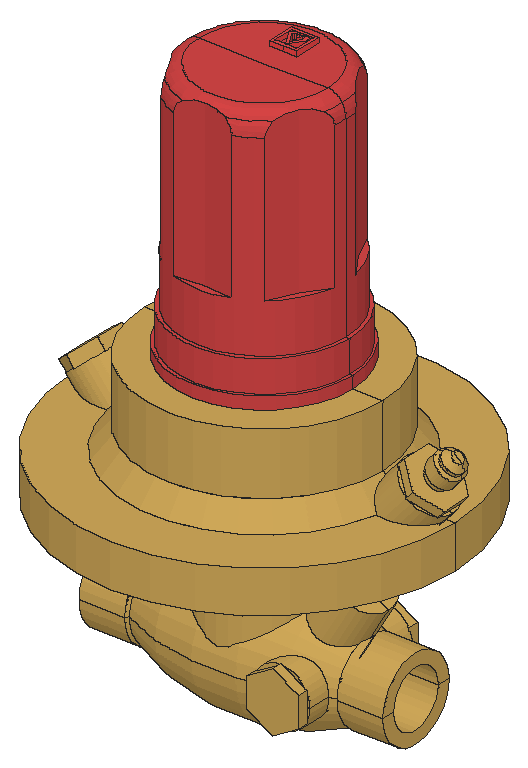
Revit family "Differential Pressure Control Valve 4007 FIX WE 23kPa", category Rohrzubehör, Revit 2018
Family settings
  Bemaßung runder Anschluss = Durchmesser verwenden
  Teiletyp = Unterbricht
  OmniClass-Nummer = 23.65.55.14.24
  OmniClass-Titel = Mixing Valves for Liquid Services
  Arbeitsebenenbasiert = Nein
  Immer vertikal = Ja
  Beim Laden mit Abzugskörper schneiden = Nein
  Gemeinsam genutzt = Nein
Parameters
  t1 = 24.467 mm
  Model = "The differential pressure controller is a straight-version proportional controller and works without auxiliary energy.\r\nDifferential pressure 23 kPa permanently set. The impulse line (1000 mm) is included with the valve and is connected to a\r\ncircuit regulating valve in the supply line."
  Min. operating temperature (pure water) = 2 °C  # constant formula
  Min. operating temperature (frost protection, brass body) = -20 °C  # constant formula
  Min. operating temperature (frost protection) = -10 °C  # constant formula
  Max. operating temperature = 95 °C  # constant formula
  Max. differential pressure on the body = 250000.0 Pa  # constant formula
  m4 [instance] = R03 - 11.00 mm  # 16.50 mm
  m3 = 4.00 mm
  m2 [instance] = R03 - 8.50 mm  # 19.00 mm
  m1 = 3.50 mm
  k9 = 17.65 mm
  k8 = 130.00°
  k7 = 9.45 mm
  k6 = 8.678 mm
  k5 = 11.83 mm
  k4 = 142.00°
  k3 = 63.00 mm
  k22 = 3.217 mm
  k21 = 28.72 mm
  k20 = 70.557 mm
  k2 = 49.08 mm
  k19 = 24.467 mm
  k18 = 24.467 mm
  k17 [instance] = 4.002 mm
  k16 = 7.283 mm
  k15 [instance] = size_lookup("4007_FIX_WE", "k15", 10.00 mm, Nennweite)  # 7.28 mm
  k14 = 101.662 mm
  k13 = 14.00 mm
  k12 = 39.276 mm
  k11 = 45.00 mm
  k10 = 20.56 mm
  k1 = 21.00 mm
  h2 [instance] = size_lookup("4007_FIX_WE", "h2", 18.75 mm, Nennweite)  # 18.75 mm
  h1 = 20.595 mm
  a3 = 9.50 mm
  a2 = 21.021 mm
  a1 = 9.50 mm
  Valve body = "dezincification-resistant brass"  # constant formula
  URL = "www.herzvalves.com"
  Set point spring = "stainless steel"  # constant formula
  Schrauben [instance] = if(Nennweite = 15.00 mm, "4x M12x50", if(Nennweite = 20.00 mm, "4x M12x55", if(Nennweite = 25.00 mm, "4x M12x55", if(Nennweite = 32.00 mm, "4x M16x60", if(Nennweite = 40.00 mm, "4x M16x60", if(Nennweite = 50.00 mm, "4x M16x60", if(Nennweite = 65.00 mm, "4x M16x60", if(Nennweite = 80.00 mm, "8x M16x65", if(Nennweite = 100.00 mm, "8x M16x65", if(Nennweite = 125.00 mm, "8x M16x70", if(Nennweite = 150.00 mm, "8x M20x70", if(Nennweite = 200.00 mm, "12x M20x75", if(Nennweite = 250.00 mm, "12x M24x85", if(Nennweite = 300.00 mm, "12x M24x85", if(Nennweite = 350.00 mm, "16x M24x90", "16x M27x100")))))))))))))))  # "4x M12x50"
  SW [instance] = size_lookup("4007_FIX_WE", "SW", 13.50 mm, Nennweite)  # 13.50 mm
  SCRNSEQ = "ARM;ARM_TYP=\"DIFR\";2"
  SCRNCODE = "05;03;4"  # constant formula
  Rp [instance] = size_lookup("4007_FIX_WE", "Rp", 9.30 mm, Nennweite)  # 9.316 mm
  R04 [instance] = size_lookup("4007_FIX_WE", "R04", 19.50 mm, Nennweite)  # 19.50 mm
  R03 [instance] = size_lookup("4007_FIX_WE", "R03", 27.50 mm, Nennweite)  # 27.50 mm
  R02 [instance] = size_lookup("4007_FIX_WE", "R02", 12.70 mm, Nennweite)  # 12.70 mm
  R01 [instance] = size_lookup("4007_FIX_WE", "R01", 21.00 mm, Nennweite)  # 21.00 mm
  Nennweite [instance] = 15.00 mm
  Membrane and O-Rings = "EPDM"  # constant formula
  Medium = "Ethylene and propylene glycol is to be used in a mixing ratio of 25 - 50 Vol. [%].\r\nWater quality according to ONORM H 5195 and VDI 2035"
  L03 [instance] = size_lookup("4007_FIX_WE", "L03", 35.00 mm, Nennweite)  # 35.00 mm
  L02 [instance] = size_lookup("4007_FIX_WE", "L02", 21.00 mm, Nennweite)  # 21.00 mm
  L01 [instance] = size_lookup("4007_FIX_WE", "L01", 15.00 mm, Nennweite)  # 15.00 mm
  L [instance] = size_lookup("4007_FIX_WE", "L", 100.00 mm, Nennweite)  # 100.00 mm
  Materials = "Ammonia contained in hemp can damage brass valve bodies, EPDM gaskets can be affected by\r\nmineral oil lubricants and thus lead to failure of the EPDM seals. Please refer to manufacturers\r\ndocumentation when using ethylene glycol products for frost and corrosion protection."
  Hersteller = "HERZ-Armaturen Ges.m.b.H"  # constant formula
  DN80 [instance] = Nennweite = 80.00 mm  # no
  DN65-80 [instance] = or(Nennweite = 65.00 mm, Nennweite = 80.00 mm)  # no
  DN65 [instance] = Nennweite = 65.00 mm  # no
  DN50 [instance] = Nennweite = 50.00 mm  # no
  DN40 [instance] = Nennweite = 40.00 mm  # no
  DN32-40 [instance] = or(Nennweite = 32.00 mm, Nennweite = 40.00 mm)  # no
  DN32 [instance] = Nennweite = 32.00 mm  # no
  DN25 [instance] = Nennweite = 25.00 mm  # no
  DN20 [instance] = Nennweite = 20.00 mm  # no
  DN15-50 [instance] = or(Nennweite = 15.00 mm, Nennweite = 20.00 mm, Nennweite = 25.00 mm, Nennweite = 32.00 mm, Nennweite = 40.00 mm, Nennweite = 50.00 mm)  # yes
  DN15-20 [instance] = or(Nennweite = 15.00 mm, Nennweite = 20.00 mm)  # yes
  DN15 [instance] = Nennweite = 15.00 mm  # yes
  Max. operating pressure = 1000000.0 Pa  # constant formula
  Bestellnummer [instance] = size_lookup("4007_FIX_WE", "Artnr", 0, Nennweite)  # 1400751
  B1 [instance] = size_lookup("4007_FIX_WE", "b1", 9.50 mm, Nennweite)  # 9.50 mm
  Application = "For heating and cooling systems, to ensure constant differential pressure constant within the\r\ncontrol range.\r\nReset from HERZ STROMAX circuit regulating valves."
Reference planes
  plane 1 "Mitte (Vorne/hinten)": y = 0
  plane 2: z = 0
  plane 3 "Mitte (Links/rechts)": x = 0
Forms (mm)
  Revolve 1, solid, material "Messing, weicher Gelbton, geschweißt", detail levels fine
    sketch origin (0, 0, 0) x (1, 0, 0) y (0, 1, 0)
      loop
        line (-50, 9.316) -> (50, 9.316) -> (50, 13.5) -> (35, 13.5) -> (34.365, 12.7)
        arc (34.365, 12.7) -> (0, 21) -> (-34.365, 12.7) r 75.292
        line (-34.365, 12.7) -> (-35, 13.5) -> (-50, 13.5) -> (-50, 9.316)
      axis (50, 0) -> (-50, 0)
    angle from 0 to 360
  Revolve 2, solid, material "Messing, weicher Gelbton, geschweißt", detail levels fine
    sketch origin (0, 0, 0) x (1, 0, 0) y (0, 0, 1)
      loop
        line (-19.5, 35) -> (-19.5, 0) -> (0, 0) -> (0, 35) -> (-19.5, 35)
      axis (0, 35) -> (0, 0)
    angle from 0 to 360
  Revolve 3, solid, material "Messing, weicher Gelbton, geschweißt", detail levels fine
    sketch origin (0, 0, 1.88) x (1, 0, 0) y (0, 0, 1)
      loop
        line (0, 33.116) -> (0, 134.779) -> (-21, 134.779) -> (-21, 82.196) -> (-39.276, 82.196) -> (-39.276, 61.639) -> (-45.35, 54.4) -> (-63, 54.4) -> (-63, 40.4) -> (-54.322, 40.4) -> (-45, 33.116) -> (0, 33.116)
      axis (0, 134.779) -> (0, 33.116)
    angle from 0 to 360
  Revolve 4, solid, material "Messing, weicher Gelbton, geschweißt", visible <- "DN15", detail levels fine
    sketch origin (0, 0, 0) x (1, 0, 0) y (0, 0, 1)
      loop
        line (-22.014, 8.727) -> (-13.787, 13.477) -> (-24.773, 32.507) -> (-33, 27.757) -> (-22.014, 8.727)
      axis (-33, 27.757) -> (-22.014, 8.727)
    angle from 0 to 360
  Revolve 5, solid, material "Messing, weicher Gelbton, geschweißt", visible <- "DN15", detail levels fine
    sketch origin (0, 0, 0) x (-1, 0, 0) y (0, 0, 1)
      loop
        line (-22.014, 8.727) -> (-13.787, 13.477) -> (-24.773, 32.507) -> (-33, 27.757) -> (-22.014, 8.727)
      axis (-33, 27.757) -> (-22.014, 8.727)
    angle from 0 to 360
  Revolve 6, solid, material "Messing, weicher Gelbton, geschweißt", visible <- "DN20", detail levels fine
    sketch origin (-0.6, 0, 0.94) x (1, 0, 0) y (0, 0, 1)
      loop
        line (-22.014, 8.727) -> (-13.787, 13.477) -> (-24.773, 32.507) -> (-33, 27.757) -> (-22.014, 8.727)
      axis (-33, 27.757) -> (-22.014, 8.727)
    angle from 0 to 360
  Revolve 7, solid, material "Messing, weicher Gelbton, geschweißt", visible <- "DN20", detail levels fine
    sketch origin (0.6, 0, 0.94) x (-1, 0, 0) y (0, 0, 1)
      loop
        line (-22.014, 8.727) -> (-13.787, 13.477) -> (-24.773, 32.507) -> (-33, 27.757) -> (-22.014, 8.727)
      axis (-33, 27.757) -> (-22.014, 8.727)
    angle from 0 to 360
  Revolve 8, solid, material "Messing, weicher Gelbton, geschweißt", visible <- "DN25", detail levels fine
    sketch origin (-4.851, 0, 5.003) x (1, 0, 0) y (0, 0, 1)
      loop
        line (-22.014, 8.727) -> (-13.787, 13.477) -> (-24.773, 32.507) -> (-33, 27.757) -> (-22.014, 8.727)
      axis (-33, 27.757) -> (-22.014, 8.727)
    angle from 0 to 360
  Revolve 9, solid, material "Messing, weicher Gelbton, geschweißt", visible <- "DN25", detail levels fine
    sketch origin (4.851, 0, 5.003) x (-1, 0, 0) y (0, 0, 1)
      loop
        line (-22.014, 8.727) -> (-13.787, 13.477) -> (-24.773, 32.507) -> (-33, 27.757) -> (-22.014, 8.727)
      axis (-33, 27.757) -> (-22.014, 8.727)
    angle from 0 to 360
  Revolve 10, solid, material "Messing, weicher Gelbton, geschweißt", visible <- "DN32", detail levels fine
    sketch origin (-12.5, 0, 10.252) x (1, 0, 0) y (0, 0, 1)
      loop
        line (-22.014, 8.727) -> (-13.787, 13.477) -> (-24.773, 32.507) -> (-33, 27.757) -> (-22.014, 8.727)
      axis (-33, 27.757) -> (-22.014, 8.727)
    angle from 0 to 360
  Revolve 11, solid, material "Messing, weicher Gelbton, geschweißt", visible <- "DN32", detail levels fine
    sketch origin (12.5, 0, 10.252) x (-1, 0, 0) y (0, 0, 1)
      loop
        line (-22.014, 8.727) -> (-13.787, 13.477) -> (-24.773, 32.507) -> (-33, 27.757) -> (-22.014, 8.727)
      axis (-33, 27.757) -> (-22.014, 8.727)
    angle from 0 to 360
  Revolve 12, solid, material "Messing, weicher Gelbton, geschweißt", visible <- "DN40", detail levels fine
    sketch origin (-18.5, 0, 13.444) x (1, 0, 0) y (0, 0, 1)
      loop
        line (-22.014, 8.727) -> (-13.787, 13.477) -> (-24.773, 32.507) -> (-33, 27.757) -> (-22.014, 8.727)
      axis (-33, 27.757) -> (-22.014, 8.727)
    angle from 0 to 360
  Revolve 13, solid, material "Messing, weicher Gelbton, geschweißt", visible <- "DN40", detail levels fine
    sketch origin (18.5, 0, 13.444) x (-1, 0, 0) y (0, 0, 1)
      loop
        line (-22.014, 8.727) -> (-13.787, 13.477) -> (-24.773, 32.507) -> (-33, 27.757) -> (-22.014, 8.727)
      axis (-33, 27.757) -> (-22.014, 8.727)
    angle from 0 to 360
  Revolve 14, solid, material "Messing, weicher Gelbton, geschweißt", visible <- "DN50", detail levels fine
    sketch origin (-23.5, 0, 19.174) x (1, 0, 0) y (0, 0, 1)
      loop
        line (-22.014, 8.727) -> (-13.787, 13.477) -> (-24.773, 32.507) -> (-33, 27.757) -> (-22.014, 8.727)
      axis (-33, 27.757) -> (-22.014, 8.727)
    angle from 0 to 360
  Revolve 15, solid, material "Messing, weicher Gelbton, geschweißt", visible <- "DN50", detail levels fine
    sketch origin (23.5, 0, 19.174) x (-1, 0, 0) y (0, 0, 1)
      loop
        line (-22.014, 8.727) -> (-13.787, 13.477) -> (-24.773, 32.507) -> (-33, 27.757) -> (-22.014, 8.727)
      axis (-33, 27.757) -> (-22.014, 8.727)
    angle from 0 to 360
  Revolve 16, solid, material "Messing, weicher Gelbton, geschweißt", detail levels fine
    sketch origin (0, 0, 0) x (1, 0, 0) y (0, 1, 0)
      loop
        line (32, 0) -> (32, 21) -> (22.5, 21) -> (22.5, 0) -> (32, 0)
      axis (22.5, 21) -> (22.5, 0)
    angle from 0 to 360
  Revolve 17, solid, material "Messing, weicher Gelbton, geschweißt", detail levels fine
    sketch origin (0, 0, 0) x (1, 0, 0) y (0, -1, 0)
      loop
        line (32, 0) -> (32, 21) -> (22.5, 21) -> (22.5, 0) -> (32, 0)
      axis (22.5, 21) -> (22.5, 0)
    angle from 0 to 360
  Extrusion 18, solid, material "Messing, weicher Gelbton, geschweißt", visible <- "DN15-50", detail levels fine
    sketch origin (0, 0, 0) x (1, 0, 0) y (0, 0, -1)
      loop
        line (31, -4.907) -> (31, 4.907) -> (22.5, 9.815) -> (14, 4.907) -> (14, -4.907) -> (22.5, -9.815) -> (31, -4.907)
    from 21 to 24.5
  Extrusion 19, solid, material "Messing, weicher Gelbton, geschweißt", visible <- "DN15-50", detail levels fine
    sketch origin (0, 0, 0) x (1, 0, 0) y (0, 0, 1)
      loop
        line (31, 4.907) -> (22.5, 9.815) -> (14, 4.907) -> (14, -4.907) -> (22.5, -9.815) -> (31, -4.907) -> (31, 4.907)
    from 21 to 24.5
  Revolve 20, solid, material "Messing, weicher Gelbton, geschweißt", detail levels fine
    sketch origin (0, 0, 0) x (1, 0, 0) y (0, 0, 1)
      loop
        line (-54.637, 64.894) -> (-41.125, 48.791) -> (-33.848, 54.897) -> (-47.36, 71) -> (-54.637, 64.894)
      axis (-54.637, 64.894) -> (-41.125, 48.791)
    angle from 0 to 360
  Revolve 21, solid, material "Messing, weicher Gelbton, geschweißt", detail levels fine
    sketch origin (0, 0, 0) x (-1, 0, 0) y (0, 0, 1)
      loop
        line (-54.637, 64.894) -> (-41.125, 48.791) -> (-33.848, 54.897) -> (-47.36, 71) -> (-54.637, 64.894)
      axis (-54.637, 64.894) -> (-41.125, 48.791)
    angle from 0 to 360
  Extrusion 22, solid, material "Messing, weicher Gelbton, geschweißt", visible <- "DN15-20", detail levels fine
    sketch origin (-123.581, 0, 7.046) x (0.766044, 0, 0.642788) y (0, 1, 0)
      loop
        line (98.5, 4.907) -> (90, 9.815) -> (81.5, 4.907) -> (81.5, -4.907) -> (90, -9.815) -> (98.5, -4.907) -> (98.5, 4.907)
    from 0 to 4
  Extrusion 23, solid, material "Messing, weicher Gelbton, geschweißt", visible <- "DN15-20", detail levels fine
    sketch origin (-14.307, 0, 122.748) x (0.766044, 0, -0.642788) y (0, 1, 0)
      loop
        line (98.5, 4.907) -> (90, 9.815) -> (81.5, 4.907) -> (81.5, -4.907) -> (90, -9.815) -> (98.5, -4.907) -> (98.5, 4.907)
    from 0 to 3.4
  Revolve 24, solid, material "Messing, weicher Gelbton, geschweißt", visible <- "DN15-20", detail levels fine
    sketch origin (0, 0, 0) x (1, 0, 0) y (0, 0, 1)
      loop
        line (56.822, 67.502) -> (59.81, 64.995) -> (61.417, 66.91) -> (62.155, 66.29) -> (65.109, 69.81) -> (64.941, 71.133) -> (65.648, 71.975) -> (65.414, 74.652) -> (63.893, 75.928) -> (56.822, 67.502)
      axis (63.893, 75.928) -> (56.822, 67.502)
    angle from 0 to 360
  Extrusion 25, solid, material "Messing, weicher Gelbton, geschweißt", visible <- "DN25", detail levels fine
    sketch origin (-123.581, 0, 17.046) x (0.766044, 0, 0.642788) y (0, 1, 0)
      loop
        line (98.5, 4.907) -> (90, 9.815) -> (81.5, 4.907) -> (81.5, -4.907) -> (90, -9.815) -> (98.5, -4.907) -> (98.5, 4.907)
    from 0 to 4
  Extrusion 26, solid, material "Messing, weicher Gelbton, geschweißt", visible <- "DN25", detail levels fine
    sketch origin (-14.307, 0, 132.748) x (0.766044, 0, -0.642788) y (0, 1, 0)
      loop
        line (98.5, 4.907) -> (90, 9.815) -> (81.5, 4.907) -> (81.5, -4.907) -> (90, -9.815) -> (98.5, -4.907) -> (98.5, 4.907)
    from 0 to 3.4
  Revolve 27, solid, material "Messing, weicher Gelbton, geschweißt", visible <- "DN25", detail levels fine
    sketch origin (0, 0, 10) x (1, 0, 0) y (0, 0, 1)
      loop
        line (56.822, 67.502) -> (59.81, 64.995) -> (61.417, 66.91) -> (62.155, 66.29) -> (65.109, 69.81) -> (64.941, 71.133) -> (65.648, 71.975) -> (65.414, 74.652) -> (63.893, 75.928) -> (56.822, 67.502)
      axis (63.893, 75.928) -> (56.822, 67.502)
    angle from 0 to 360
  Extrusion 28, solid, material "Messing, weicher Gelbton, geschweißt", visible <- "DN32-40", detail levels fine
    sketch origin (-123.581, 0, 22.046) x (0.766044, 0, 0.642788) y (0, 1, 0)
      loop
        line (98.5, 4.907) -> (90, 9.815) -> (81.5, 4.907) -> (81.5, -4.907) -> (90, -9.815) -> (98.5, -4.907) -> (98.5, 4.907)
    from 0 to 4
  Extrusion 29, solid, material "Messing, weicher Gelbton, geschweißt", visible <- "DN32-40", detail levels fine
    sketch origin (-14.307, 0, 137.748) x (0.766044, 0, -0.642788) y (0, 1, 0)
      loop
        line (98.5, 4.907) -> (90, 9.815) -> (81.5, 4.907) -> (81.5, -4.907) -> (90, -9.815) -> (98.5, -4.907) -> (98.5, 4.907)
    from 0 to 3.4
  Revolve 30, solid, material "Messing, weicher Gelbton, geschweißt", visible <- "DN32-40", detail levels fine
    sketch origin (0, 0, 15) x (1, 0, 0) y (0, 0, 1)
      loop
        line (56.822, 67.502) -> (59.81, 64.995) -> (61.417, 66.91) -> (62.155, 66.29) -> (65.109, 69.81) -> (64.941, 71.133) -> (65.648, 71.975) -> (65.414, 74.652) -> (63.893, 75.928) -> (56.822, 67.502)
      axis (63.893, 75.928) -> (56.822, 67.502)
    angle from 0 to 360
  Extrusion 31, solid, material "Messing, weicher Gelbton, geschweißt", visible <- "DN50", detail levels fine
    sketch origin (-123.581, 0, 32.546) x (0.766044, 0, 0.642788) y (0, 1, 0)
      loop
        line (98.5, 4.907) -> (90, 9.815) -> (81.5, 4.907) -> (81.5, -4.907) -> (90, -9.815) -> (98.5, -4.907) -> (98.5, 4.907)
    from 0 to 4
  Extrusion 32, solid, material "Messing, weicher Gelbton, geschweißt", visible <- "DN50", detail levels fine
    sketch origin (-14.307, 0, 148.248) x (0.766044, 0, -0.642788) y (0, 1, 0)
      loop
        line (98.5, 4.907) -> (90, 9.815) -> (81.5, 4.907) -> (81.5, -4.907) -> (90, -9.815) -> (98.5, -4.907) -> (98.5, 4.907)
    from 0 to 3.4
  Revolve 33, solid, material "Messing, weicher Gelbton, geschweißt", visible <- "DN50", detail levels fine
    sketch origin (0, 0, 25.5) x (1, 0, 0) y (0, 0, 1)
      loop
        line (56.822, 67.502) -> (59.81, 64.995) -> (61.417, 66.91) -> (62.155, 66.29) -> (65.109, 69.81) -> (64.941, 71.133) -> (65.648, 71.975) -> (65.414, 74.652) -> (63.893, 75.928) -> (56.822, 67.502)
      axis (63.893, 75.928) -> (56.822, 67.502)
    angle from 0 to 360
  Extrusion 34, solid, material "Messing, weicher Gelbton, geschweißt", visible <- "DN65-80", detail levels fine
    sketch origin (31.509, 0, 0) x (1, 0, 0) y (0, 0, -1)
      loop
        line (1.991, -6.351) -> (1.991, 6.351) -> (-9.009, 12.702) -> (-20.009, 6.351) -> (-20.009, -6.351) -> (-9.009, -12.702) -> (1.991, -6.351)
    from 21 to 25
  Extrusion 35, solid, material "Messing, weicher Gelbton, geschweißt", visible <- "DN65-80", detail levels fine
    sketch origin (31.509, 0, 0) x (1, 0, 0) y (0, 0, 1)
      loop
        line (1.991, 6.351) -> (-9.009, 12.702) -> (-20.009, 6.351) -> (-20.009, -6.351) -> (-9.009, -12.702) -> (1.991, -6.351) -> (1.991, 6.351)
    from 21 to 25
  Revolve 36, solid, material "Messing, weicher Gelbton, geschweißt", visible <- "DN65", detail levels fine
    sketch origin (-32, 0, 28.317) x (1, 0, 0) y (0, 0, 1)
      loop
        line (-22.014, 8.727) -> (-13.787, 13.477) -> (-24.773, 32.507) -> (-33, 27.757) -> (-22.014, 8.727)
      axis (-33, 27.757) -> (-22.014, 8.727)
    angle from 0 to 360
  Revolve 37, solid, material "Messing, weicher Gelbton, geschweißt", visible <- "DN65", detail levels fine
    sketch origin (32, 0, 28.317) x (-1, 0, 0) y (0, 0, 1)
      loop
        line (-22.014, 8.727) -> (-13.787, 13.477) -> (-24.773, 32.507) -> (-33, 27.757) -> (-22.014, 8.727)
      axis (-33, 27.757) -> (-22.014, 8.727)
    angle from 0 to 360
  Revolve 38, solid, material "Messing, weicher Gelbton, geschweißt", visible <- "DN80", detail levels fine
    sketch origin (-41, 0, 35.243) x (1, 0, 0) y (0, 0, 1)
      loop
        line (-22.014, 8.727) -> (-13.787, 13.477) -> (-24.773, 32.507) -> (-33, 27.757) -> (-22.014, 8.727)
      axis (-33, 27.757) -> (-22.014, 8.727)
    angle from 0 to 360
  Revolve 39, solid, material "Messing, weicher Gelbton, geschweißt", visible <- "DN80", detail levels fine
    sketch origin (41, 0, 35.243) x (-1, 0, 0) y (0, 0, 1)
      loop
        line (-22.014, 8.727) -> (-13.787, 13.477) -> (-24.773, 32.507) -> (-33, 27.757) -> (-22.014, 8.727)
      axis (-33, 27.757) -> (-22.014, 8.727)
    angle from 0 to 360
  Revolve 40, solid, material "Messing, weicher Gelbton, geschweißt", detail levels fine
    sketch origin (0, 0, 1.7) x (1, 0, 0) y (0, 0, 1)
      loop
        line (0, 36.517) -> (-42, 36.517) -> (-42, 33.3) -> (0, 33.3) -> (0, 36.517)
      axis (0, 36.517) -> (0, 33.3)
    angle from 0 to 360
  Extrusion 41, solid, material "Messing, weicher Gelbton, geschweißt", visible <- "DN65", detail levels fine
    sketch origin (-123.581, 0, 40.263) x (0.766044, 0, 0.642788) y (0, 1, 0)
      loop
        line (98.5, 4.907) -> (90, 9.815) -> (81.5, 4.907) -> (81.5, -4.907) -> (90, -9.815) -> (98.5, -4.907) -> (98.5, 4.907)
    from 0 to 4
  Extrusion 42, solid, material "Messing, weicher Gelbton, geschweißt", visible <- "DN65", detail levels fine
    sketch origin (123.581, 0, 40.263) x (-0.766044, 0, 0.642788) y (0, -1, 0)
      loop
        line (98.5, -4.907) -> (98.5, 4.907) -> (90, 9.815) -> (81.5, 4.907) -> (81.5, -4.907) -> (90, -9.815) -> (98.5, -4.907)
    from 0 to 4
  Revolve 43, solid, material "Messing, weicher Gelbton, geschweißt", visible <- "DN65", detail levels fine
    sketch origin (0.386, 0, 33.676) x (1, 0, 0) y (0, 0, 1)
      loop
        line (56.822, 67.502) -> (59.81, 64.995) -> (61.417, 66.91) -> (62.155, 66.29) -> (65.109, 69.81) -> (64.941, 71.133) -> (65.648, 71.975) -> (65.414, 74.652) -> (63.893, 75.928) -> (56.822, 67.502)
      axis (63.893, 75.928) -> (56.822, 67.502)
    angle from 0 to 360
  Extrusion 44, solid, material "Messing, weicher Gelbton, geschweißt", visible <- "DN80", detail levels fine
    sketch origin (-123.581, 0, 41.963) x (0.766044, 0, 0.642788) y (0, 1, 0)
      loop
        line (98.5, 4.907) -> (90, 9.815) -> (81.5, 4.907) -> (81.5, -4.907) -> (90, -9.815) -> (98.5, -4.907) -> (98.5, 4.907)
    from 0 to 4
  Extrusion 45, solid, material "Messing, weicher Gelbton, geschweißt", visible <- "DN80", detail levels fine
    sketch origin (123.581, 0, 41.963) x (-0.766044, 0, 0.642788) y (0, -1, 0)
      loop
        line (98.5, -4.907) -> (98.5, 4.907) -> (90, 9.815) -> (81.5, 4.907) -> (81.5, -4.907) -> (90, -9.815) -> (98.5, -4.907)
    from 0 to 4
  Revolve 46, solid, material "Messing, weicher Gelbton, geschweißt", visible <- "DN80", detail levels fine
    sketch origin (0.386, 0, 35.376) x (1, 0, 0) y (0, 0, 1)
      loop
        line (56.822, 67.502) -> (59.81, 64.995) -> (61.417, 66.91) -> (62.155, 66.29) -> (65.109, 69.81) -> (64.941, 71.133) -> (65.648, 71.975) -> (65.414, 74.652) -> (63.893, 75.928) -> (56.822, 67.502)
      axis (63.893, 75.928) -> (56.822, 67.502)
    angle from 0 to 360
  Extrusion 47, solid, material "Messing, weicher Gelbton, geschweißt", visible <- "DN65", detail levels fine
    sketch origin (0, 0, 0) x (0, 1, 0) y (0, 0, -1)
      loop
        circle (0, 0.217) r 46
      loop
        circle (0, 0.217) r 42.499
    from 90 to 95
  Extrusion 48, solid, material "Messing, weicher Gelbton, geschweißt", visible <- "DN80", detail levels fine
    sketch origin (0, 0, 0) x (0, 1, 0) y (0, 0, 1)
      loop
        circle (0, -0.217) r 54
      loop
        circle (0, -0.217) r 50
    from -105 to -100
  Extrusion 49, solid, material "Messing, weicher Gelbton, geschweißt", visible <- "DN80", detail levels fine
    sketch origin (0, 0, 0) x (0, 1, 0) y (0, 0, -1)
      loop
        circle (0, 0.217) r 54
      loop
        circle (0, 0.217) r 50
    from -105 to -100
  Extrusion 50, solid, material "Messing, weicher Gelbton, geschweißt", visible <- "DN65", detail levels fine
    sketch origin (0, 0, 0) x (0, 1, 0) y (0, 0, 1)
      loop
        circle (0, -0.217) r 46
      loop
        circle (0, -0.217) r 42.499
    from 90 to 95
Lines and regions (mm)
  model lines, detail levels coarse+medium
    curve 1: spline (-63, 0, 49.28) -> (-60.853, 0, 51.092) -> (-54.56, 0, 52.78) -> (-44.548, 0, 54.23) -> (-31.5, 0, 55.342) -> (-16.306, 0, 56.041) -> (0, 0, 56.28) -> (16.306, 0, 56.041) -> (31.5, 0, 55.342) -> (44.548, 0, 54.23) -> (54.56, 0, 52.78) -> (60.853, 0, 51.092) -> (63, 0, 49.28) -> (60.853, 0, 47.468) -> (54.56, 0, 45.78) -> (44.548, 0, 44.33) -> (31.5, 0, 43.218) -> (16.306, 0, 42.519) -> (0, 0, 42.28) -> (-16.306, 0, 42.519) -> (-31.5, 0, 43.218) -> (-44.548, 0, 44.33) -> (-54.56, 0, 45.78) -> (-60.853, 0, 47.468) -> (-63, 0, 49.28)
    curve 2: line (50, 0, 13.5) -> (50, 0, -13.5)
    curve 3: line (50, 0, -13.5) -> (-50, 0, 13.5)
    curve 4: line (-50, 0, 13.5) -> (-50, 0, -13.5)
    curve 5: line (-50, 0, -13.5) -> (50, 0, 13.5)
    curve 6: line (25, 0, 6.75) -> (0, 0, 35)
    curve 7: line (-25, 0, 6.75) -> (0, 0, 35)
    curve 8: line (0, 0, 35) -> (0, 0, 42.28)
    curve 9: spline (-63, -49.28, 0) -> (-60.853, -47.468, 0) -> (-54.56, -45.78, 0) -> (-44.548, -44.33, 0) -> (-31.5, -43.218, 0) -> (-16.306, -42.519, 0) -> (0, -42.28, 0) -> (16.306, -42.519, 0) -> (31.5, -43.218, 0) -> (44.548, -44.33, 0) -> (54.56, -45.78, 0) -> (60.853, -47.468, 0) -> (63, -49.28, 0) -> (60.853, -51.092, 0) -> (54.56, -52.78, 0) -> (44.548, -54.23, 0) -> (31.5, -55.342, 0) -> (16.306, -56.041, 0) -> (0, -56.28, 0) -> (-16.306, -56.041, 0) -> (-31.5, -55.342, 0) -> (-44.548, -54.23, 0) -> (-54.56, -52.78, 0) -> (-60.853, -51.092, 0) -> (-63, -49.28, 0)
    curve 10: line (-50, 13.5, 0) -> (50, -13.5, 0)
    curve 11: line (50, -13.5, 0) -> (50, 13.5, 0)
    curve 12: line (50, 13.5, 0) -> (-50, -13.5, 0)
    curve 13: line (-50, -13.5, 0) -> (-50, 13.5, 0)
    curve 14: line (0, -35, 0) -> (0, -42.28, 0)
    curve 15: line (-16.667, -4.5, 0) -> (0, -35, 0)
    curve 16: line (16.667, -4.5, 0) -> (0, -35, 0)
Dimensions and locks
  "L": Revolve 1 sketch curve to Revolve 1 sketch curve
  equal spacing: Revolve 1 sketch curve, plane 3 "Mitte (Links/rechts)", Revolve 1 sketch curve  (x2)
  "Rp": plane 1 "Mitte (Vorne/hinten)" to Revolve 1 sketch curve
  "SW": plane 1 "Mitte (Vorne/hinten)" to Revolve 1 sketch curve
  "SW": Revolve 1 sketch curve to plane 1 "Mitte (Vorne/hinten)"
  "R02": plane 1 "Mitte (Vorne/hinten)" to Revolve 1 sketch curve  (x2)
  "R01": plane 1 "Mitte (Vorne/hinten)" to Revolve 1 sketch curve
  "L01": Revolve 1 sketch curve to Revolve 1 sketch curve  (x2)
  "L02": plane 1 "Mitte (Vorne/hinten)" to Revolve 16 sketch curve
  "R03": Revolve 16 sketch curve to Revolve 1
  "B1": Revolve 16 sketch curve to Revolve 16 sketch curve
  "B1": Revolve 17 sketch curve to Revolve 17 sketch curve
  "R03": Revolve 17 sketch curve to Revolve 1
  "L02": Revolve 17 sketch curve to plane 1 "Mitte (Vorne/hinten)"
  "L02": plane 1 "Mitte (Vorne/hinten)" to Extrusion 18
  "m2": Extrusion 18 to Revolve 1
  "m1": Extrusion 18 to Extrusion 18
  "L02": plane 1 "Mitte (Vorne/hinten)" to Extrusion 19
  "m2": Extrusion 19 to Revolve 1
  "m1": Extrusion 19 to Extrusion 19
  "R04": Revolve 2 sketch curve to plane 3 "Mitte (Links/rechts)"
  "L03": Revolve 2 sketch curve to plane 2
  "k1": Revolve 3 sketch curve to Revolve 3 sketch curve
  "k3": Revolve 3 sketch curve to Revolve 3 sketch curve
  "k5": Revolve 3 sketch curve to Revolve 3 sketch curve
  "k6": Revolve 3 sketch curve to Revolve 3 sketch curve
  "k7": Revolve 3 sketch curve to Revolve 3 sketch curve
  "k9": Revolve 3 sketch curve to Revolve 3 sketch curve
  "k11": Revolve 3 sketch curve to Revolve 3 sketch curve
  "k12": Revolve 3 sketch curve to Revolve 3 sketch curve
  "k13": Revolve 3 sketch curve to Revolve 3 sketch curve
  "k14": Revolve 3 sketch curve to Revolve 3 sketch curve
  "a1": Revolve 20 sketch curve to Revolve 20 sketch curve
  "a2": Revolve 20 sketch curve to Revolve 20 sketch curve
  "a2": Revolve 21 sketch curve to Revolve 21 sketch curve
  "a1": Revolve 21 sketch curve to Revolve 21 sketch curve
  "a3": Revolve 20 sketch curve to Revolve 20 sketch curve
  "a3": Revolve 21 sketch curve to Revolve 21 sketch curve
  "k15": Revolve 3 to Revolve 2
  "k16": Revolve 3 sketch curve to Revolve 3 sketch curve
  "k17": nested 1 to Revolve 3
  "k21": Revolve 20 sketch curve to Revolve 3
  "k21": Revolve 21 sketch curve to Revolve 3
  "h1": Revolve 3 to nested 2
  "h2": plane 1 "Mitte (Vorne/hinten)" to nested 2
  "m3": Extrusion 34 to Extrusion 34
  "m3": Extrusion 34 to Revolve 16
  "m4": Extrusion 34 to Revolve 1
  "m3": Extrusion 35 to Extrusion 35
  "m4": Extrusion 35 to Revolve 1
  "m3": Extrusion 35 to Revolve 17
  nested 1 to level = 170.005 mm
  "k22": Revolve 40 to Revolve 2
  "k2": Revolve 3 sketch curve to Revolve 3 sketch curve
  equal spacing: curve 4, plane 3 "Mitte (Links/rechts)", curve 2
  "L": curve 4 to curve 2
  "k3": plane 3 "Mitte (Links/rechts)" to curve 1
  "k13": curve 1 to curve 1
  "k15": curve 1 to Revolve 2
  "SW": curve 4 to plane 2
  "SW": plane 2 to curve 5
  "SW": curve 5 to plane 2 to curve 3
  equal spacing: curve 4, curve 7, curve 7, curve 6, curve 2
  "k3": curve 1 to plane 3 "Mitte (Links/rechts)"
  "L03": curve 8 to plane 2
  "k15": curve 8 to curve 8
  "k3": curve 9 to plane 3 "Mitte (Links/rechts)" to curve 9
  "k13": curve 9 to curve 9
  equal spacing: curve 13, curve 15, curve 16, curve 11
  "L": curve 13 to curve 11
  "SW": plane 1 "Mitte (Vorne/hinten)" to curve 13
  "SW": curve 13 to plane 1 "Mitte (Vorne/hinten)"
  "SW": plane 1 "Mitte (Vorne/hinten)" to curve 12
  "SW": curve 11 to plane 1 "Mitte (Vorne/hinten)"
  "k15": curve 16 to curve 14
  equal spacing: curve 13, plane 3 "Mitte (Links/rechts)", curve 11
  "L03": curve 16 to plane 1 "Mitte (Vorne/hinten)"
  "k4": angle Revolve 3 sketch curve to Revolve 3 sketch curve
  "k8": angle Revolve 3 sketch curve to Revolve 3 sketch curve
  aligned and locked: level to plane 2
Automatic sketch dimensions
  Revolve 4 sketch curve to plane 3 "Mitte (Links/rechts)" = 33.00 mm
  Revolve 4 sketch curve to Revolve 4 sketch curve = 8.227 mm
  level to Revolve 4 sketch curve = 8.727 mm  (x2)
  Revolve 4 sketch curve to Revolve 4 sketch curve = 10.987 mm
  Revolve 4 sketch curve to Revolve 4 sketch curve = 4.75 mm
  Revolve 4 sketch curve to Revolve 4 sketch curve = 0.00 mm  (x3)
  Revolve 5 sketch curve to plane 3 "Mitte (Links/rechts)" = 33.00 mm
  Revolve 5 sketch curve to Revolve 5 sketch curve = 8.227 mm
  Revolve 5 sketch curve to level = 8.727 mm  (x2)
  Revolve 5 sketch curve to Revolve 5 sketch curve = 10.987 mm
  Revolve 5 sketch curve to Revolve 5 sketch curve = 4.75 mm
  Revolve 5 sketch curve to Revolve 5 sketch curve = 0.00 mm  (x3)
  Revolve 6 sketch curve to plane 3 "Mitte (Links/rechts)" = 33.60 mm
  Revolve 6 sketch curve to Revolve 6 sketch curve = 8.227 mm
  level to Revolve 6 sketch curve = 9.668 mm  (x2)
  Revolve 6 sketch curve to Revolve 6 sketch curve = 10.987 mm
  Revolve 6 sketch curve to Revolve 6 sketch curve = 4.75 mm
  Revolve 6 sketch curve to Revolve 6 sketch curve = 0.00 mm  (x3)
  Revolve 7 sketch curve to plane 3 "Mitte (Links/rechts)" = 33.60 mm
  Revolve 7 sketch curve to Revolve 7 sketch curve = 8.227 mm
  Revolve 7 sketch curve to level = 9.668 mm  (x2)
  Revolve 7 sketch curve to Revolve 7 sketch curve = 10.987 mm
  Revolve 7 sketch curve to Revolve 7 sketch curve = 4.75 mm
  Revolve 7 sketch curve to Revolve 7 sketch curve = 0.00 mm  (x3)
  Revolve 8 sketch curve to plane 3 "Mitte (Links/rechts)" = 37.851 mm
  Revolve 8 sketch curve to Revolve 8 sketch curve = 8.227 mm
  level to Revolve 8 sketch curve = 13.731 mm
  Revolve 8 sketch curve to Revolve 8 sketch curve = 10.987 mm
  Revolve 8 sketch curve to Revolve 8 sketch curve = 4.75 mm
  Revolve 8 sketch curve to Revolve 8 sketch curve = 0.00 mm  (x4)
  Revolve 9 sketch curve to plane 3 "Mitte (Links/rechts)" = 37.851 mm
  Revolve 9 sketch curve to Revolve 9 sketch curve = 8.227 mm
  Revolve 9 sketch curve to level = 13.731 mm
  Revolve 9 sketch curve to Revolve 9 sketch curve = 10.987 mm
  Revolve 9 sketch curve to Revolve 9 sketch curve = 4.75 mm
  Revolve 9 sketch curve to Revolve 9 sketch curve = 0.00 mm  (x4)
  Revolve 10 sketch curve to plane 3 "Mitte (Links/rechts)" = 45.50 mm
  Revolve 10 sketch curve to Revolve 10 sketch curve = 8.227 mm
  Revolve 10 sketch curve to Revolve 10 sketch curve = 10.987 mm
  level to Revolve 10 sketch curve = 18.979 mm
  Revolve 10 sketch curve to Revolve 10 sketch curve = 4.75 mm
  Revolve 10 sketch curve to Revolve 10 sketch curve = 0.00 mm  (x4)
  Revolve 11 sketch curve to plane 3 "Mitte (Links/rechts)" = 45.50 mm
  Revolve 11 sketch curve to Revolve 11 sketch curve = 8.227 mm
  Revolve 11 sketch curve to Revolve 11 sketch curve = 10.987 mm
  Revolve 11 sketch curve to level = 18.979 mm
  Revolve 11 sketch curve to Revolve 11 sketch curve = 4.75 mm
  Revolve 11 sketch curve to Revolve 11 sketch curve = 0.00 mm  (x4)
  Revolve 12 sketch curve to plane 3 "Mitte (Links/rechts)" = 51.50 mm
  Revolve 12 sketch curve to Revolve 12 sketch curve = 8.227 mm
  Revolve 12 sketch curve to Revolve 12 sketch curve = 10.987 mm
  level to Revolve 12 sketch curve = 22.171 mm
  Revolve 12 sketch curve to Revolve 12 sketch curve = 4.75 mm
  Revolve 12 sketch curve to Revolve 12 sketch curve = 0.00 mm  (x4)
  Revolve 13 sketch curve to plane 3 "Mitte (Links/rechts)" = 51.50 mm
  Revolve 13 sketch curve to Revolve 13 sketch curve = 8.227 mm
  Revolve 13 sketch curve to Revolve 13 sketch curve = 10.987 mm
  Revolve 13 sketch curve to level = 22.171 mm
  Revolve 13 sketch curve to Revolve 13 sketch curve = 4.75 mm
  Revolve 13 sketch curve to Revolve 13 sketch curve = 0.00 mm  (x4)
  Revolve 14 sketch curve to plane 3 "Mitte (Links/rechts)" = 56.50 mm
  Revolve 14 sketch curve to Revolve 14 sketch curve = 8.227 mm
  Revolve 14 sketch curve to Revolve 14 sketch curve = 10.987 mm
  level to Revolve 14 sketch curve = 27.902 mm
  Revolve 14 sketch curve to Revolve 14 sketch curve = 4.75 mm
  Revolve 14 sketch curve to Revolve 14 sketch curve = 0.00 mm  (x4)
  Revolve 15 sketch curve to plane 3 "Mitte (Links/rechts)" = 56.50 mm
  Revolve 15 sketch curve to Revolve 15 sketch curve = 8.227 mm
  Revolve 15 sketch curve to Revolve 15 sketch curve = 10.987 mm
  Revolve 15 sketch curve to level = 27.902 mm
  Revolve 15 sketch curve to Revolve 15 sketch curve = 4.75 mm
  Revolve 15 sketch curve to Revolve 15 sketch curve = 0.00 mm  (x4)
  Extrusion 18 sketch curve to level = 4.907 mm  (x2)
  plane 3 "Mitte (Links/rechts)" to Extrusion 18 sketch curve = 14.00 mm
  level to Extrusion 18 sketch curve = 9.815 mm
  Extrusion 18 sketch curve to Extrusion 18 sketch curve = 8.50 mm  (x3)
  Extrusion 18 sketch curve to level = 9.815 mm
  level to Extrusion 18 sketch curve = 4.907 mm  (x2)
  Extrusion 19 sketch curve to level = 4.907 mm  (x2)
  plane 3 "Mitte (Links/rechts)" to Extrusion 19 sketch curve = 14.00 mm
  level to Extrusion 19 sketch curve = 9.815 mm
  Extrusion 19 sketch curve to Extrusion 19 sketch curve = 8.50 mm  (x3)
  Extrusion 19 sketch curve to level = 9.815 mm
  level to Extrusion 19 sketch curve = 4.907 mm  (x2)
  plane 3 "Mitte (Links/rechts)" to Revolve 24 sketch curve = 56.822 mm
  Revolve 24 sketch curve to Revolve 24 sketch curve = 2.988 mm
  Revolve 24 sketch curve to Revolve 24 sketch curve = 1.607 mm
  Revolve 24 sketch curve to Revolve 24 sketch curve = 0.738 mm
  Revolve 24 sketch curve to Revolve 24 sketch curve = 2.476 mm
  Revolve 24 sketch curve to Revolve 24 sketch curve = 1.048 mm
  Revolve 24 sketch curve to Revolve 24 sketch curve = 0.168 mm
  Revolve 24 sketch curve to Revolve 24 sketch curve = 1.521 mm
  Revolve 24 sketch curve to Revolve 24 sketch curve = 0.707 mm
  level to Revolve 24 sketch curve = 64.995 mm
  Revolve 24 sketch curve to Revolve 24 sketch curve = 1.295 mm
  Revolve 24 sketch curve to Revolve 24 sketch curve = 1.322 mm
  Revolve 24 sketch curve to Revolve 24 sketch curve = 0.843 mm
  Revolve 24 sketch curve to Revolve 24 sketch curve = 0.00 mm  (x4)
  plane 3 "Mitte (Links/rechts)" to Revolve 27 sketch curve = 56.822 mm
  Revolve 27 sketch curve to Revolve 27 sketch curve = 2.988 mm
  Revolve 27 sketch curve to Revolve 27 sketch curve = 1.607 mm
  Revolve 27 sketch curve to Revolve 27 sketch curve = 0.738 mm
  Revolve 27 sketch curve to Revolve 27 sketch curve = 2.476 mm
  Revolve 27 sketch curve to Revolve 27 sketch curve = 1.048 mm
  Revolve 27 sketch curve to Revolve 27 sketch curve = 0.168 mm
  Revolve 27 sketch curve to Revolve 27 sketch curve = 1.521 mm
  Revolve 27 sketch curve to Revolve 27 sketch curve = 0.707 mm
  level to Revolve 27 sketch curve = 74.995 mm
  Revolve 27 sketch curve to Revolve 27 sketch curve = 1.295 mm
  Revolve 27 sketch curve to Revolve 27 sketch curve = 1.322 mm
  Revolve 27 sketch curve to Revolve 27 sketch curve = 0.843 mm
  Revolve 27 sketch curve to Revolve 27 sketch curve = 0.00 mm  (x4)
  plane 3 "Mitte (Links/rechts)" to Revolve 30 sketch curve = 56.822 mm
  Revolve 30 sketch curve to Revolve 30 sketch curve = 2.988 mm
  Revolve 30 sketch curve to Revolve 30 sketch curve = 1.607 mm
  Revolve 30 sketch curve to Revolve 30 sketch curve = 0.738 mm
  Revolve 30 sketch curve to Revolve 30 sketch curve = 2.476 mm
  Revolve 30 sketch curve to Revolve 30 sketch curve = 1.048 mm
  Revolve 30 sketch curve to Revolve 30 sketch curve = 0.168 mm
  Revolve 30 sketch curve to Revolve 30 sketch curve = 1.521 mm
  Revolve 30 sketch curve to Revolve 30 sketch curve = 0.707 mm
  level to Revolve 30 sketch curve = 79.995 mm
  Revolve 30 sketch curve to Revolve 30 sketch curve = 1.295 mm
  Revolve 30 sketch curve to Revolve 30 sketch curve = 1.322 mm
  Revolve 30 sketch curve to Revolve 30 sketch curve = 0.843 mm
  Revolve 30 sketch curve to Revolve 30 sketch curve = 0.00 mm  (x4)
  plane 3 "Mitte (Links/rechts)" to Revolve 33 sketch curve = 56.822 mm
  Revolve 33 sketch curve to Revolve 33 sketch curve = 2.988 mm
  Revolve 33 sketch curve to Revolve 33 sketch curve = 1.607 mm
  Revolve 33 sketch curve to Revolve 33 sketch curve = 0.738 mm
  Revolve 33 sketch curve to Revolve 33 sketch curve = 2.476 mm
  Revolve 33 sketch curve to Revolve 33 sketch curve = 1.048 mm
  Revolve 33 sketch curve to Revolve 33 sketch curve = 0.168 mm
  Revolve 33 sketch curve to Revolve 33 sketch curve = 1.521 mm
  Revolve 33 sketch curve to Revolve 33 sketch curve = 0.707 mm
  level to Revolve 33 sketch curve = 90.495 mm
  Revolve 33 sketch curve to Revolve 33 sketch curve = 1.295 mm
  Revolve 33 sketch curve to Revolve 33 sketch curve = 1.322 mm
  Revolve 33 sketch curve to Revolve 33 sketch curve = 0.843 mm
  Revolve 33 sketch curve to Revolve 33 sketch curve = 0.00 mm  (x4)
  Extrusion 34 sketch curve to level = 6.351 mm  (x2)
  plane 3 "Mitte (Links/rechts)" to Extrusion 34 sketch curve = 11.50 mm
  level to Extrusion 34 sketch curve = 12.702 mm
  Extrusion 34 sketch curve to Extrusion 34 sketch curve = 11.00 mm  (x3)
  Extrusion 34 sketch curve to level = 12.702 mm
  level to Extrusion 34 sketch curve = 6.351 mm  (x2)
  Extrusion 35 sketch curve to level = 6.351 mm  (x2)
  plane 3 "Mitte (Links/rechts)" to Extrusion 35 sketch curve = 11.50 mm
  level to Extrusion 35 sketch curve = 12.702 mm
  Extrusion 35 sketch curve to Extrusion 35 sketch curve = 11.00 mm  (x3)
  Extrusion 35 sketch curve to level = 12.702 mm
  level to Extrusion 35 sketch curve = 6.351 mm  (x2)
  Revolve 36 sketch curve to plane 3 "Mitte (Links/rechts)" = 65.00 mm
  Revolve 36 sketch curve to Revolve 36 sketch curve = 8.227 mm
  Revolve 36 sketch curve to Revolve 36 sketch curve = 10.987 mm
  level to Revolve 36 sketch curve = 37.045 mm
  Revolve 36 sketch curve to Revolve 36 sketch curve = 4.75 mm
  Revolve 36 sketch curve to Revolve 36 sketch curve = 0.00 mm  (x4)
  Revolve 37 sketch curve to plane 3 "Mitte (Links/rechts)" = 65.00 mm
  Revolve 37 sketch curve to Revolve 37 sketch curve = 8.227 mm
  Revolve 37 sketch curve to Revolve 37 sketch curve = 10.987 mm
  Revolve 37 sketch curve to level = 37.045 mm
  Revolve 37 sketch curve to Revolve 37 sketch curve = 4.75 mm
  Revolve 37 sketch curve to Revolve 37 sketch curve = 0.00 mm  (x4)
  Revolve 38 sketch curve to plane 3 "Mitte (Links/rechts)" = 74.00 mm
  Revolve 38 sketch curve to Revolve 38 sketch curve = 8.227 mm
  Revolve 38 sketch curve to Revolve 38 sketch curve = 10.987 mm
  level to Revolve 38 sketch curve = 43.971 mm
  Revolve 38 sketch curve to Revolve 38 sketch curve = 4.75 mm
  Revolve 38 sketch curve to Revolve 38 sketch curve = 0.00 mm  (x4)
  Revolve 39 sketch curve to plane 3 "Mitte (Links/rechts)" = 74.00 mm
  Revolve 39 sketch curve to Revolve 39 sketch curve = 8.227 mm
  Revolve 39 sketch curve to Revolve 39 sketch curve = 10.987 mm
  Revolve 39 sketch curve to level = 43.971 mm
  Revolve 39 sketch curve to Revolve 39 sketch curve = 4.75 mm
  Revolve 39 sketch curve to Revolve 39 sketch curve = 0.00 mm  (x4)
  Revolve 40 sketch curve to plane 3 "Mitte (Links/rechts)" = 0.00 mm  (x2)
  Revolve 40 sketch curve to plane 3 "Mitte (Links/rechts)" = 42.00 mm
  level to Revolve 40 sketch curve = 35.00 mm
  Revolve 40 sketch curve to Revolve 40 sketch curve = 3.217 mm
  Revolve 40 sketch curve to Revolve 40 sketch curve = 0.00 mm  (x2)
  plane 3 "Mitte (Links/rechts)" to Revolve 43 sketch curve = 57.208 mm
  Revolve 43 sketch curve to Revolve 43 sketch curve = 2.988 mm
  Revolve 43 sketch curve to Revolve 43 sketch curve = 1.607 mm
  Revolve 43 sketch curve to Revolve 43 sketch curve = 0.738 mm
  Revolve 43 sketch curve to Revolve 43 sketch curve = 2.476 mm
  Revolve 43 sketch curve to Revolve 43 sketch curve = 1.048 mm
  Revolve 43 sketch curve to Revolve 43 sketch curve = 0.168 mm
  Revolve 43 sketch curve to Revolve 43 sketch curve = 1.521 mm
  Revolve 43 sketch curve to Revolve 43 sketch curve = 0.707 mm
  level to Revolve 43 sketch curve = 98.671 mm
  Revolve 43 sketch curve to Revolve 43 sketch curve = 1.295 mm
  Revolve 43 sketch curve to Revolve 43 sketch curve = 1.322 mm
  Revolve 43 sketch curve to Revolve 43 sketch curve = 0.843 mm
  Revolve 43 sketch curve to Revolve 43 sketch curve = 0.00 mm  (x4)
  plane 3 "Mitte (Links/rechts)" to Revolve 46 sketch curve = 57.208 mm
  Revolve 46 sketch curve to Revolve 46 sketch curve = 2.988 mm
  Revolve 46 sketch curve to Revolve 46 sketch curve = 1.607 mm
  Revolve 46 sketch curve to Revolve 46 sketch curve = 0.738 mm
  Revolve 46 sketch curve to Revolve 46 sketch curve = 2.476 mm
  Revolve 46 sketch curve to Revolve 46 sketch curve = 1.048 mm
  Revolve 46 sketch curve to Revolve 46 sketch curve = 0.168 mm
  Revolve 46 sketch curve to Revolve 46 sketch curve = 1.521 mm
  Revolve 46 sketch curve to Revolve 46 sketch curve = 0.707 mm
  level to Revolve 46 sketch curve = 100.371 mm
  Revolve 46 sketch curve to Revolve 46 sketch curve = 1.295 mm
  Revolve 46 sketch curve to Revolve 46 sketch curve = 1.322 mm
  Revolve 46 sketch curve to Revolve 46 sketch curve = 0.843 mm
  Revolve 46 sketch curve to Revolve 46 sketch curve = 0.00 mm  (x4)
  plane 1 "Mitte (Vorne/hinten)" to Extrusion 22 sketch curve = 4.907 mm  (x2)
  Extrusion 22 sketch curve to plane 1 "Mitte (Vorne/hinten)" = 9.815 mm
  Extrusion 22 sketch curve to Extrusion 22 sketch curve = 8.50 mm  (x3)
  plane 1 "Mitte (Vorne/hinten)" to Extrusion 22 sketch curve = 9.815 mm
  Extrusion 22 sketch curve to plane 1 "Mitte (Vorne/hinten)" = 4.907 mm  (x2)
  plane 1 "Mitte (Vorne/hinten)" to Extrusion 23 sketch curve = 4.907 mm  (x2)
  Extrusion 23 sketch curve to plane 1 "Mitte (Vorne/hinten)" = 9.815 mm
  Extrusion 23 sketch curve to Extrusion 23 sketch curve = 8.50 mm  (x3)
  plane 1 "Mitte (Vorne/hinten)" to Extrusion 23 sketch curve = 9.815 mm
  Extrusion 23 sketch curve to plane 1 "Mitte (Vorne/hinten)" = 4.907 mm  (x2)
  plane 1 "Mitte (Vorne/hinten)" to Extrusion 25 sketch curve = 4.907 mm  (x2)
  Extrusion 25 sketch curve to plane 1 "Mitte (Vorne/hinten)" = 9.815 mm
  Extrusion 25 sketch curve to Extrusion 25 sketch curve = 8.50 mm  (x3)
  plane 1 "Mitte (Vorne/hinten)" to Extrusion 25 sketch curve = 9.815 mm
  Extrusion 25 sketch curve to plane 1 "Mitte (Vorne/hinten)" = 4.907 mm  (x2)
  plane 1 "Mitte (Vorne/hinten)" to Extrusion 26 sketch curve = 4.907 mm  (x2)
  Extrusion 26 sketch curve to plane 1 "Mitte (Vorne/hinten)" = 9.815 mm
  Extrusion 26 sketch curve to Extrusion 26 sketch curve = 8.50 mm  (x3)
  plane 1 "Mitte (Vorne/hinten)" to Extrusion 26 sketch curve = 9.815 mm
  Extrusion 26 sketch curve to plane 1 "Mitte (Vorne/hinten)" = 4.907 mm  (x2)
  plane 1 "Mitte (Vorne/hinten)" to Extrusion 28 sketch curve = 4.907 mm  (x2)
  Extrusion 28 sketch curve to plane 1 "Mitte (Vorne/hinten)" = 9.815 mm
  Extrusion 28 sketch curve to Extrusion 28 sketch curve = 8.50 mm  (x3)
  plane 1 "Mitte (Vorne/hinten)" to Extrusion 28 sketch curve = 9.815 mm
  Extrusion 28 sketch curve to plane 1 "Mitte (Vorne/hinten)" = 4.907 mm  (x2)
  plane 1 "Mitte (Vorne/hinten)" to Extrusion 29 sketch curve = 4.907 mm  (x2)
  Extrusion 29 sketch curve to plane 1 "Mitte (Vorne/hinten)" = 9.815 mm
  Extrusion 29 sketch curve to Extrusion 29 sketch curve = 8.50 mm  (x3)
  plane 1 "Mitte (Vorne/hinten)" to Extrusion 29 sketch curve = 9.815 mm
  Extrusion 29 sketch curve to plane 1 "Mitte (Vorne/hinten)" = 4.907 mm  (x2)
  plane 1 "Mitte (Vorne/hinten)" to Extrusion 31 sketch curve = 4.907 mm  (x2)
  Extrusion 31 sketch curve to plane 1 "Mitte (Vorne/hinten)" = 9.815 mm
  Extrusion 31 sketch curve to Extrusion 31 sketch curve = 8.50 mm  (x3)
  plane 1 "Mitte (Vorne/hinten)" to Extrusion 31 sketch curve = 9.815 mm
  Extrusion 31 sketch curve to plane 1 "Mitte (Vorne/hinten)" = 4.907 mm  (x2)
  plane 1 "Mitte (Vorne/hinten)" to Extrusion 32 sketch curve = 4.907 mm  (x2)
  Extrusion 32 sketch curve to plane 1 "Mitte (Vorne/hinten)" = 9.815 mm
  Extrusion 32 sketch curve to Extrusion 32 sketch curve = 8.50 mm  (x3)
  plane 1 "Mitte (Vorne/hinten)" to Extrusion 32 sketch curve = 9.815 mm
  Extrusion 32 sketch curve to plane 1 "Mitte (Vorne/hinten)" = 4.907 mm  (x2)
  plane 1 "Mitte (Vorne/hinten)" to Extrusion 41 sketch curve = 4.907 mm  (x2)
  Extrusion 41 sketch curve to plane 1 "Mitte (Vorne/hinten)" = 9.815 mm
  Extrusion 41 sketch curve to Extrusion 41 sketch curve = 8.50 mm  (x3)
  plane 1 "Mitte (Vorne/hinten)" to Extrusion 41 sketch curve = 9.815 mm
  Extrusion 41 sketch curve to plane 1 "Mitte (Vorne/hinten)" = 4.907 mm  (x2)
  plane 1 "Mitte (Vorne/hinten)" to Extrusion 42 sketch curve = 4.907 mm  (x2)
  Extrusion 42 sketch curve to plane 1 "Mitte (Vorne/hinten)" = 9.815 mm
  Extrusion 42 sketch curve to Extrusion 42 sketch curve = 8.50 mm  (x3)
  plane 1 "Mitte (Vorne/hinten)" to Extrusion 42 sketch curve = 9.815 mm
  Extrusion 42 sketch curve to plane 1 "Mitte (Vorne/hinten)" = 4.907 mm  (x2)
  plane 1 "Mitte (Vorne/hinten)" to Extrusion 44 sketch curve = 4.907 mm  (x2)
  Extrusion 44 sketch curve to plane 1 "Mitte (Vorne/hinten)" = 9.815 mm
  Extrusion 44 sketch curve to Extrusion 44 sketch curve = 8.50 mm  (x3)
  plane 1 "Mitte (Vorne/hinten)" to Extrusion 44 sketch curve = 9.815 mm
  Extrusion 44 sketch curve to plane 1 "Mitte (Vorne/hinten)" = 4.907 mm  (x2)
  plane 1 "Mitte (Vorne/hinten)" to Extrusion 45 sketch curve = 4.907 mm  (x2)
  Extrusion 45 sketch curve to plane 1 "Mitte (Vorne/hinten)" = 9.815 mm
  Extrusion 45 sketch curve to Extrusion 45 sketch curve = 8.50 mm  (x3)
  plane 1 "Mitte (Vorne/hinten)" to Extrusion 45 sketch curve = 9.815 mm
  Extrusion 45 sketch curve to plane 1 "Mitte (Vorne/hinten)" = 4.907 mm  (x2)
  Extrusion 47 sketch curve to Extrusion 47 sketch curve = 0.00 mm  (x2)
  Extrusion 47 sketch curve to plane 1 "Mitte (Vorne/hinten)" = 0.00 mm
  Extrusion 47 sketch curve to level = 0.217 mm
  Extrusion 48 sketch curve to Extrusion 48 sketch curve = 0.00 mm  (x2)
  Extrusion 48 sketch curve to plane 1 "Mitte (Vorne/hinten)" = 0.00 mm
  Extrusion 48 sketch curve to level = 0.217 mm
  Extrusion 49 sketch curve to Extrusion 49 sketch curve = 0.00 mm  (x2)
  Extrusion 49 sketch curve to plane 1 "Mitte (Vorne/hinten)" = 0.00 mm
  Extrusion 49 sketch curve to level = 0.217 mm
  Extrusion 50 sketch curve to Extrusion 50 sketch curve = 0.00 mm  (x2)
  Extrusion 50 sketch curve to plane 1 "Mitte (Vorne/hinten)" = 0.00 mm
  Extrusion 50 sketch curve to level = 0.217 mm
  curve 15 to plane 3 "Mitte (Links/rechts)" = 0.00 mm
  Revolve 1 sketch curve to plane 1 "Mitte (Vorne/hinten)" = 0.00 mm
  Revolve 1 sketch curve to Revolve 1 sketch curve = 0.635 mm
  Revolve 1 sketch curve to Revolve 1 sketch curve = 1968.479 mm  (x2)
  Revolve 2 sketch curve to level = 0.00 mm  (x2)
  Revolve 2 sketch curve to plane 3 "Mitte (Links/rechts)" = 0.00 mm  (x2)
  Revolve 2 sketch curve to Revolve 2 sketch curve = 0.00 mm
  Revolve 3 sketch curve to plane 3 "Mitte (Links/rechts)" = 0.00 mm  (x2)
  level to Revolve 3 sketch curve = 34.997 mm
  Revolve 3 sketch curve to level = 364.164 mm
  Revolve 3 sketch curve to Revolve 3 sketch curve = 2079.533 mm
  plane 1 "Mitte (Vorne/hinten)" to Revolve 16 sketch curve = 0.00 mm  (x2)
  Revolve 16 sketch curve to Revolve 16 sketch curve = 0.00 mm
  Revolve 16 sketch curve to Revolve 16 sketch curve = 9.00 mm
  plane 1 "Mitte (Vorne/hinten)" to Revolve 17 sketch curve = 0.00 mm  (x2)
  Revolve 17 sketch curve to Revolve 17 sketch curve = 0.00 mm
  Revolve 17 sketch curve to Revolve 17 sketch curve = 9.00 mm
  Revolve 20 sketch curve to plane 3 "Mitte (Links/rechts)" = 54.637 mm
  Revolve 20 sketch curve to Revolve 20 sketch curve = 7.277 mm
  Revolve 20 sketch curve to Revolve 20 sketch curve = 2.703 mm
  Revolve 20 sketch curve to Revolve 20 sketch curve = 0.00 mm
  Revolve 21 sketch curve to plane 3 "Mitte (Links/rechts)" = 54.637 mm
  Revolve 21 sketch curve to Revolve 21 sketch curve = 7.277 mm
  Revolve 21 sketch curve to Revolve 21 sketch curve = 0.00 mm  (x2)
  Revolve 21 sketch curve to Revolve 21 sketch curve = 2.193 mm
  Revolve 21 sketch curve to Revolve 21 sketch curve = 2.613 mm
  radius of Extrusion 47 sketch curve = 46.00 mm
  radius of Extrusion 47 sketch curve = 42.499 mm
  radius of Extrusion 48 sketch curve = 54.00 mm
  radius of Extrusion 48 sketch curve = 50.00 mm
  radius of Extrusion 49 sketch curve = 54.00 mm
  radius of Extrusion 49 sketch curve = 50.00 mm
  radius of Extrusion 50 sketch curve = 46.00 mm
  radius of Extrusion 50 sketch curve = 42.499 mm
Nested families
  nested 1: "Handrad für Diff.Druckregler 4007" at (0, 0, 137.426), type "Handrad für Diff.Druckregler 4007", detail levels fine
    with Nennweite 0.00 mm, Gewicht 0.00 kg, Bestellnummer 0
  nested 2: "Herz-Logo-vorne" at (0, 19.482, 18.902) x (0, -1, 0) z (0, 0, 1), type "Herz-Logo-vorne", detail levels fine
Connectors
  piping at (-50, 0, 0), diameter 15, driven by "Nennweite"
    settings: on Revolve 1, index 1, connector inside diameter 609.6 mm, connector length 0.00 mm, flow factor 0, pipe flow 0.0 L/s, pressure drop 0.0 Pa, fitting loss kfactor 0, connector angle 0.00°, fixture units 0, engagement length 0.00 mm, angle of deflection 0.00°, flow configuration 0, flow direction 1, fitting loss method 0, system type 29, joint type 0, gender type 0, connector reference index -1, connector utility 0, adjustable connector no, is connector primary yes, connector description ""
  piping at (50, 0, 0), diameter 15, driven by "Nennweite"
    settings: on Revolve 1, index 2, connector inside diameter 609.6 mm, connector length 0.00 mm, flow factor 0, pipe flow 0.0 L/s, pressure drop 0.0 Pa, fitting loss kfactor 0, connector angle 0.00°, fixture units 0, engagement length 0.00 mm, angle of deflection 0.00°, flow configuration 0, flow direction 2, fitting loss method 0, system type 29, joint type 0, gender type 0, connector reference index -1, connector utility 0, adjustable connector no, is connector primary no, connector description ""
Definition of nested family "Handrad für Diff.Druckregler 4007"
  Parameters (values of type "Handrad für Diff.Druckregler 4007")
    URL = "www.herz-armaturen.at"
    Nennweite [instance] = 0.00 mm
    Manufacturer = "Herz Armaturen GmbH"  # constant formula
    Gewicht [instance] = 0.00 kg
    Bestellnummer [instance] = 0
  Reference planes
    plane 1 "Mitte (Vorne/hinten)": y = 0
    plane 2: z = 0
    plane 3 "Mitte (Links/rechts)": x = 0
  Forms (mm)
    Revolve 1, solid
      sketch origin (0, 0, 0) x (1, 0, 0) y (0, 0, 1)
        loop
          line (0, -53.347) -> (0, 32.383)
          arc (0, 32.383) -> (-10.634, 32.68) -> (-21.271, 32.578) r 283.606
          arc (-21.271, 32.578) -> (-23.831, 31.718) -> (-25.754, 29.822) r 6
          arc (-25.754, 29.822) -> (-26.682, 27.767) -> (-27, 25.535) r 8
          line (-27, 25.535) -> (-27, -38.847) -> (-28.3, -38.847) -> (-28.3, -49.347) -> (-29.3, -49.347) -> (-29.3, -53.347) -> (0, -53.347)
        axis (0, 32.578) -> (0, -53.347)
      angle from 0 to 360
    Extrusion 2, void
      sketch origin (51.706, 39.332, 0) x (-1, 0, 0) y (0, -1, 0)
        loop
          circle (51.706, -35.004) r 50
      from -22.422 to 45.066
    Extrusion 3, void
      sketch origin (51.706, -39.332, 0) x (-1, 0, 0) y (0, -1, 0)
        loop
          circle (51.706, 35.004) r 50
      from -22.422 to 45.066
    Extrusion 4, void
      sketch origin (59.915, -25.113, 0) x (-0.5, 0.866025, 0) y (-0.866025, -0.5, 0)
        loop
          circle (51.706, -35.004) r 50
      from -22.422 to 45.066
    Extrusion 5, void
      sketch origin (-8.21, -64.444, 0) x (-0.5, 0.866025, 0) y (-0.866025, -0.5, 0)
        loop
          circle (51.706, 35.004) r 50
      from -22.422 to 45.066
    Extrusion 6, void
      sketch origin (8.21, -64.444, 0) x (0.5, 0.866025, 0) y (-0.866025, 0.5, 0)
        loop
          circle (51.706, -35.004) r 50
      from -22.422 to 45.066
    Extrusion 7, void
      sketch origin (-59.915, -25.113, 0) x (0.5, 0.866025, 0) y (-0.866025, 0.5, 0)
        loop
          circle (51.706, 35.004) r 50
      from -22.422 to 45.066
  Cuts and joins
    Extrusion 2, Extrusion 3, Extrusion 4, Extrusion 5, Extrusion 6, Extrusion 7 cuts Revolve 1
  Dimensions and locks
    aligned and locked: level to plane 2
  Nested families
    nested 1: "Herz-Logo" at (0, 12.484, 32.543), type "Herz-Logo"
  Definition of nested family "Herz-Logo"
    Reference planes
      plane 1 "Mitte (Vorne/hinten)": y = 0
      plane 2: z = 0
      plane 3 "Mitte (Links/rechts)": x = 0
    Forms (mm)
      Extrusion 1, solid
        sketch origin (0, 0, 0) x (1, 0, 0) y (0, 1, 0)
          loop
            line (-0.018, -4.517) -> (4.482, -4.517) -> (4.482, 4.483) -> (-4.518, 4.483) -> (-4.518, -4.517) -> (-0.018, -4.517)
          loop
            line (-0.05, -3.48) -> (3.482, -3.48) -> (3.482, 3.483) -> (-3.518, 3.483) -> (-3.518, -3.48) -> (-0.05, -3.48)
          loop
            arc (-0.018, 2.383) -> (-1.543, 3.287) -> (-3.067, 2.383) r 1.738
            arc (-3.067, 2.383) -> (-3.191, 1.899) -> (-3.067, 1.415) r 1.009
            line (-3.067, 1.415) -> (-0.018, -3.281) -> (3.032, 1.415)
            arc (3.032, 1.415) -> (3.156, 1.899) -> (3.032, 2.383) r 1.009
            arc (3.032, 2.383) -> (1.507, 3.287) -> (-0.018, 2.383) r 1.738
          loop
            arc (1.885, 1.272) -> (2.005, 1.675) -> (1.885, 2.079) r 0.74
            arc (1.885, 2.079) -> (1.265, 2.416) -> (0.644, 2.079) r 0.74
            line (0.644, 2.079) -> (-0.018, 0.97) -> (-0.679, 2.079)
            arc (-0.679, 2.079) -> (-1.3, 2.416) -> (-1.921, 2.079) r 0.74
